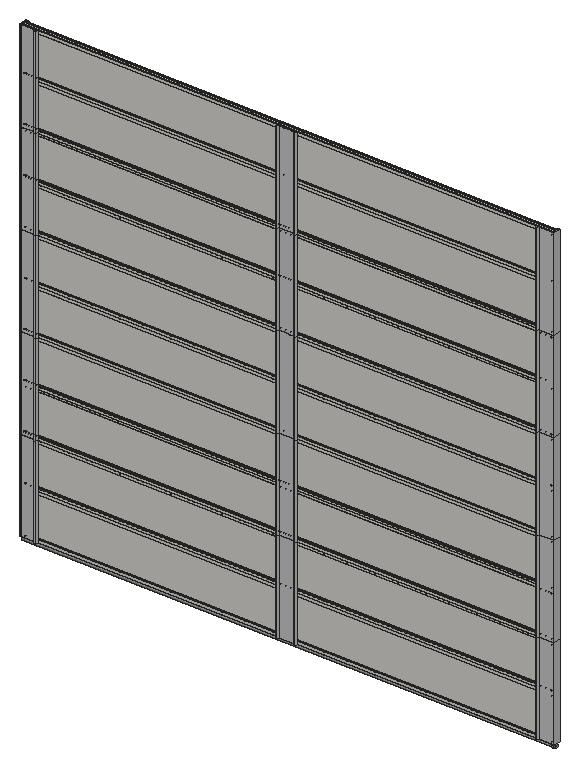
Revit family "GAFS 10H SG", category Doors, host Wall, Revit 2024
Family settings
  Host = Wall
  OmniClass Number = 23.30.10.00
  OmniClass Title = Doors
  Always vertical = Yes
  Cut with Voids When Loaded = No
  Shared = No
  Room Calculation Point = No
Parameters
  Wall Opening [instance] = 4880 mm
  Function = Interior
  Frame Projection Ext. = 25 mm
  Frame Projection Int. = 25 mm
  Frame Width = 75 mm
  Height = 2135 mm
  Wall Closure = By host
  Width = 2440 mm
Reference planes
  plane 1: y = 0
  plane 2 "Center (Left/Right)": x = 0
  plane 3: z = 2135
  plane 4 "Exterior": y = 75
  plane 5 "Interior": y = -75
  plane 6 "Garage Bottom": y = 75
  plane 7 "Garage Top": z = 2170
  plane 8: z = 19.954
  plane 9 "Garage Left": x = 1250
  plane 10 "Garage Right": x = -1250
Forms (mm)
  Extrusion 1, solid, material "STEEL BACK & SIDE PLATES"
    sketch origin (2744.172, 256, 612.954) x (1, 0, 0) y (0, 1, 0)
      loop
        line (-2791.977, -404.804) -> (-2789.506, -414.002) -> (-2782.523, -414.002) -> (-2780.383, -405.996) -> (-2707.961, -405.996) -> (-2705.821, -414.002) -> (-2698.839, -414.002) -> (-2696.367, -404.804) -> (-2697.626, -404.804) -> (-2699.758, -412.802) -> (-2704.9, -412.802) -> (-2707.039, -404.797) -> (-2781.305, -404.797) -> (-2783.444, -412.802) -> (-2788.586, -412.802) -> (-2790.718, -404.804) -> (-2791.977, -404.804)
      loop
        line (-3985.472, -373.2) -> (-3992.972, -373.2) -> (-3992.972, -372) -> (-3991.972, -372)
        arc (-3991.972, -372) -> (-3991.472, -371.5) -> (-3991.972, -371) r 0.5
        line (-3991.972, -371) -> (-3994.172, -371) -> (-3994.172, -406) -> (-3924.955, -406) -> (-3922.812, -414) -> (-3915.811, -414) -> (-3913.363, -404.8) -> (-3914.589, -404.8) -> (-3916.732, -412.8) -> (-3921.891, -412.8) -> (-3924.034, -404.8) -> (-3992.972, -404.8) -> (-3992.972, -374.4) -> (-3980.945, -374.4)
        arc (-3980.945, -374.4) -> (-3980.21, -374.891) -> (-3979.372, -374.607) r 1
        line (-3979.372, -374.607) -> (-3978.819, -374.054)
        arc (-3978.819, -374.054) -> (-3978.71, -373.509) -> (-3979.172, -373.2) r 0.5
        line (-3979.172, -373.2) -> (-3984.272, -373.2) -> (-3984.272, -371) -> (-3986.472, -371)
        arc (-3986.472, -371) -> (-3986.972, -371.5) -> (-3986.472, -372) r 0.5
        line (-3986.472, -372) -> (-3985.472, -372) -> (-3985.472, -373.2)
      loop
        line (-1502.872, -373.2) -> (-1502.872, -372) -> (-1501.872, -372)
        arc (-1501.872, -372) -> (-1501.372, -371.5) -> (-1501.872, -371) r 0.5
        line (-1501.872, -371) -> (-1504.072, -371) -> (-1504.072, -373.2) -> (-1509.172, -373.2)
        arc (-1509.172, -373.2) -> (-1509.634, -373.509) -> (-1509.526, -374.054) r 0.5
        line (-1509.526, -374.054) -> (-1508.972, -374.607)
        arc (-1508.972, -374.607) -> (-1508.135, -374.891) -> (-1507.399, -374.4) r 1
        line (-1507.399, -374.4) -> (-1495.372, -374.4) -> (-1495.372, -404.8) -> (-1564.31, -404.8) -> (-1566.454, -412.8) -> (-1571.612, -412.8) -> (-1573.756, -404.8) -> (-1574.982, -404.8) -> (-1572.533, -414) -> (-1565.533, -414) -> (-1563.389, -406) -> (-1494.172, -406) -> (-1494.172, -371) -> (-1496.372, -371)
        arc (-1496.372, -371) -> (-1496.872, -371.5) -> (-1496.372, -372) r 0.5
        line (-1496.372, -372) -> (-1495.372, -372) -> (-1495.372, -373.2) -> (-1502.872, -373.2)
    from 267.046 to 697.046
  Extrusion 2, solid, material "STEEL BACK & SIDE PLATES"
    sketch origin (2744.172, 256, 182.954) x (1, 0, 0) y (0, 1, 0)
      loop
        line (-2791.977, -404.804) -> (-2789.506, -414.002) -> (-2782.523, -414.002) -> (-2780.383, -405.996) -> (-2707.961, -405.996) -> (-2705.821, -414.002) -> (-2698.839, -414.002) -> (-2696.367, -404.804) -> (-2697.626, -404.804) -> (-2699.758, -412.802) -> (-2704.9, -412.802) -> (-2707.039, -404.797) -> (-2781.305, -404.797) -> (-2783.444, -412.802) -> (-2788.586, -412.802) -> (-2790.718, -404.804) -> (-2791.977, -404.804)
      loop
        line (-3985.472, -373.2) -> (-3992.972, -373.2) -> (-3992.972, -372) -> (-3991.972, -372)
        arc (-3991.972, -372) -> (-3991.472, -371.5) -> (-3991.972, -371) r 0.5
        line (-3991.972, -371) -> (-3994.172, -371) -> (-3994.172, -406) -> (-3924.955, -406) -> (-3922.812, -414) -> (-3915.811, -414) -> (-3913.363, -404.8) -> (-3914.589, -404.8) -> (-3916.732, -412.8) -> (-3921.891, -412.8) -> (-3924.034, -404.8) -> (-3992.972, -404.8) -> (-3992.972, -374.4) -> (-3980.945, -374.4)
        arc (-3980.945, -374.4) -> (-3980.21, -374.891) -> (-3979.372, -374.607) r 1
        line (-3979.372, -374.607) -> (-3978.819, -374.054)
        arc (-3978.819, -374.054) -> (-3978.71, -373.509) -> (-3979.172, -373.2) r 0.5
        line (-3979.172, -373.2) -> (-3984.272, -373.2) -> (-3984.272, -371) -> (-3986.472, -371)
        arc (-3986.472, -371) -> (-3986.972, -371.5) -> (-3986.472, -372) r 0.5
        line (-3986.472, -372) -> (-3985.472, -372) -> (-3985.472, -373.2)
      loop
        line (-1502.872, -373.2) -> (-1502.872, -372) -> (-1501.872, -372)
        arc (-1501.872, -372) -> (-1501.372, -371.5) -> (-1501.872, -371) r 0.5
        line (-1501.872, -371) -> (-1504.072, -371) -> (-1504.072, -373.2) -> (-1509.172, -373.2)
        arc (-1509.172, -373.2) -> (-1509.634, -373.509) -> (-1509.526, -374.054) r 0.5
        line (-1509.526, -374.054) -> (-1508.972, -374.607)
        arc (-1508.972, -374.607) -> (-1508.135, -374.891) -> (-1507.399, -374.4) r 1
        line (-1507.399, -374.4) -> (-1495.372, -374.4) -> (-1495.372, -404.8) -> (-1564.31, -404.8) -> (-1566.454, -412.8) -> (-1571.612, -412.8) -> (-1573.756, -404.8) -> (-1574.982, -404.8) -> (-1572.533, -414) -> (-1565.533, -414) -> (-1563.389, -406) -> (-1494.172, -406) -> (-1494.172, -371) -> (-1496.372, -371)
        arc (-1496.372, -371) -> (-1496.872, -371.5) -> (-1496.372, -372) r 0.5
        line (-1496.372, -372) -> (-1495.372, -372) -> (-1495.372, -373.2) -> (-1502.872, -373.2)
    from 267.046 to 697.046
  Extrusion 3, solid, material "STEEL BACK & SIDE PLATES"
    sketch origin (2744.172, 256, -247.046) x (1, 0, 0) y (0, 1, 0)
      loop
        line (-2791.977, -404.804) -> (-2789.506, -414.002) -> (-2782.523, -414.002) -> (-2780.383, -405.996) -> (-2707.961, -405.996) -> (-2705.821, -414.002) -> (-2698.839, -414.002) -> (-2696.367, -404.804) -> (-2697.626, -404.804) -> (-2699.758, -412.802) -> (-2704.9, -412.802) -> (-2707.039, -404.797) -> (-2781.305, -404.797) -> (-2783.444, -412.802) -> (-2788.586, -412.802) -> (-2790.718, -404.804) -> (-2791.977, -404.804)
      loop
        line (-3985.472, -373.2) -> (-3992.972, -373.2) -> (-3992.972, -372) -> (-3991.972, -372)
        arc (-3991.972, -372) -> (-3991.472, -371.5) -> (-3991.972, -371) r 0.5
        line (-3991.972, -371) -> (-3994.172, -371) -> (-3994.172, -406) -> (-3924.955, -406) -> (-3922.812, -414) -> (-3915.811, -414) -> (-3913.363, -404.8) -> (-3914.589, -404.8) -> (-3916.732, -412.8) -> (-3921.891, -412.8) -> (-3924.034, -404.8) -> (-3992.972, -404.8) -> (-3992.972, -374.4) -> (-3980.945, -374.4)
        arc (-3980.945, -374.4) -> (-3980.21, -374.891) -> (-3979.372, -374.607) r 1
        line (-3979.372, -374.607) -> (-3978.819, -374.054)
        arc (-3978.819, -374.054) -> (-3978.71, -373.509) -> (-3979.172, -373.2) r 0.5
        line (-3979.172, -373.2) -> (-3984.272, -373.2) -> (-3984.272, -371) -> (-3986.472, -371)
        arc (-3986.472, -371) -> (-3986.972, -371.5) -> (-3986.472, -372) r 0.5
        line (-3986.472, -372) -> (-3985.472, -372) -> (-3985.472, -373.2)
      loop
        line (-1502.872, -373.2) -> (-1502.872, -372) -> (-1501.872, -372)
        arc (-1501.872, -372) -> (-1501.372, -371.5) -> (-1501.872, -371) r 0.5
        line (-1501.872, -371) -> (-1504.072, -371) -> (-1504.072, -373.2) -> (-1509.172, -373.2)
        arc (-1509.172, -373.2) -> (-1509.634, -373.509) -> (-1509.526, -374.054) r 0.5
        line (-1509.526, -374.054) -> (-1508.972, -374.607)
        arc (-1508.972, -374.607) -> (-1508.135, -374.891) -> (-1507.399, -374.4) r 1
        line (-1507.399, -374.4) -> (-1495.372, -374.4) -> (-1495.372, -404.8) -> (-1564.31, -404.8) -> (-1566.454, -412.8) -> (-1571.612, -412.8) -> (-1573.756, -404.8) -> (-1574.982, -404.8) -> (-1572.533, -414) -> (-1565.533, -414) -> (-1563.389, -406) -> (-1494.172, -406) -> (-1494.172, -371) -> (-1496.372, -371)
        arc (-1496.372, -371) -> (-1496.872, -371.5) -> (-1496.372, -372) r 0.5
        line (-1496.372, -372) -> (-1495.372, -372) -> (-1495.372, -373.2) -> (-1502.872, -373.2)
    from 267 to 697.046
  Extrusion 4, solid, material "STEEL BACK & SIDE PLATES"
    sketch origin (2744.172, 256, 1042.954) x (1, 0, 0) y (0, 1, 0)
      loop
        line (-2791.977, -404.804) -> (-2789.506, -414.002) -> (-2782.523, -414.002) -> (-2780.383, -405.996) -> (-2707.961, -405.996) -> (-2705.821, -414.002) -> (-2698.839, -414.002) -> (-2696.367, -404.804) -> (-2697.626, -404.804) -> (-2699.758, -412.802) -> (-2704.9, -412.802) -> (-2707.039, -404.797) -> (-2781.305, -404.797) -> (-2783.444, -412.802) -> (-2788.586, -412.802) -> (-2790.718, -404.804) -> (-2791.977, -404.804)
      loop
        line (-3985.472, -373.2) -> (-3992.972, -373.2) -> (-3992.972, -372) -> (-3991.972, -372)
        arc (-3991.972, -372) -> (-3991.472, -371.5) -> (-3991.972, -371) r 0.5
        line (-3991.972, -371) -> (-3994.172, -371) -> (-3994.172, -406) -> (-3924.955, -406) -> (-3922.812, -414) -> (-3915.811, -414) -> (-3913.363, -404.8) -> (-3914.589, -404.8) -> (-3916.732, -412.8) -> (-3921.891, -412.8) -> (-3924.034, -404.8) -> (-3992.972, -404.8) -> (-3992.972, -374.4) -> (-3980.945, -374.4)
        arc (-3980.945, -374.4) -> (-3980.21, -374.891) -> (-3979.372, -374.607) r 1
        line (-3979.372, -374.607) -> (-3978.819, -374.054)
        arc (-3978.819, -374.054) -> (-3978.71, -373.509) -> (-3979.172, -373.2) r 0.5
        line (-3979.172, -373.2) -> (-3984.272, -373.2) -> (-3984.272, -371) -> (-3986.472, -371)
        arc (-3986.472, -371) -> (-3986.972, -371.5) -> (-3986.472, -372) r 0.5
        line (-3986.472, -372) -> (-3985.472, -372) -> (-3985.472, -373.2)
      loop
        line (-1502.872, -373.2) -> (-1502.872, -372) -> (-1501.872, -372)
        arc (-1501.872, -372) -> (-1501.372, -371.5) -> (-1501.872, -371) r 0.5
        line (-1501.872, -371) -> (-1504.072, -371) -> (-1504.072, -373.2) -> (-1509.172, -373.2)
        arc (-1509.172, -373.2) -> (-1509.634, -373.509) -> (-1509.526, -374.054) r 0.5
        line (-1509.526, -374.054) -> (-1508.972, -374.607)
        arc (-1508.972, -374.607) -> (-1508.135, -374.891) -> (-1507.399, -374.4) r 1
        line (-1507.399, -374.4) -> (-1495.372, -374.4) -> (-1495.372, -404.8) -> (-1564.31, -404.8) -> (-1566.454, -412.8) -> (-1571.612, -412.8) -> (-1573.756, -404.8) -> (-1574.982, -404.8) -> (-1572.533, -414) -> (-1565.533, -414) -> (-1563.389, -406) -> (-1494.172, -406) -> (-1494.172, -371) -> (-1496.372, -371)
        arc (-1496.372, -371) -> (-1496.872, -371.5) -> (-1496.372, -372) r 0.5
        line (-1496.372, -372) -> (-1495.372, -372) -> (-1495.372, -373.2) -> (-1502.872, -373.2)
    from 267.046 to 697.046
  Extrusion 5, solid, material "STEEL BACK & SIDE PLATES"
    sketch origin (2744.172, 256, 1472.954) x (1, 0, 0) y (0, 1, 0)
      loop
        line (-2791.977, -404.804) -> (-2789.506, -414.002) -> (-2782.523, -414.002) -> (-2780.383, -405.996) -> (-2707.961, -405.996) -> (-2705.821, -414.002) -> (-2698.839, -414.002) -> (-2696.367, -404.804) -> (-2697.626, -404.804) -> (-2699.758, -412.802) -> (-2704.9, -412.802) -> (-2707.039, -404.797) -> (-2781.305, -404.797) -> (-2783.444, -412.802) -> (-2788.586, -412.802) -> (-2790.718, -404.804) -> (-2791.977, -404.804)
      loop
        line (-3985.472, -373.2) -> (-3992.972, -373.2) -> (-3992.972, -372) -> (-3991.972, -372)
        arc (-3991.972, -372) -> (-3991.472, -371.5) -> (-3991.972, -371) r 0.5
        line (-3991.972, -371) -> (-3994.172, -371) -> (-3994.172, -406) -> (-3924.955, -406) -> (-3922.812, -414) -> (-3915.811, -414) -> (-3913.363, -404.8) -> (-3914.589, -404.8) -> (-3916.732, -412.8) -> (-3921.891, -412.8) -> (-3924.034, -404.8) -> (-3992.972, -404.8) -> (-3992.972, -374.4) -> (-3980.945, -374.4)
        arc (-3980.945, -374.4) -> (-3980.21, -374.891) -> (-3979.372, -374.607) r 1
        line (-3979.372, -374.607) -> (-3978.819, -374.054)
        arc (-3978.819, -374.054) -> (-3978.71, -373.509) -> (-3979.172, -373.2) r 0.5
        line (-3979.172, -373.2) -> (-3984.272, -373.2) -> (-3984.272, -371) -> (-3986.472, -371)
        arc (-3986.472, -371) -> (-3986.972, -371.5) -> (-3986.472, -372) r 0.5
        line (-3986.472, -372) -> (-3985.472, -372) -> (-3985.472, -373.2)
      loop
        line (-1502.872, -373.2) -> (-1502.872, -372) -> (-1501.872, -372)
        arc (-1501.872, -372) -> (-1501.372, -371.5) -> (-1501.872, -371) r 0.5
        line (-1501.872, -371) -> (-1504.072, -371) -> (-1504.072, -373.2) -> (-1509.172, -373.2)
        arc (-1509.172, -373.2) -> (-1509.634, -373.509) -> (-1509.526, -374.054) r 0.5
        line (-1509.526, -374.054) -> (-1508.972, -374.607)
        arc (-1508.972, -374.607) -> (-1508.135, -374.891) -> (-1507.399, -374.4) r 1
        line (-1507.399, -374.4) -> (-1495.372, -374.4) -> (-1495.372, -404.8) -> (-1564.31, -404.8) -> (-1566.454, -412.8) -> (-1571.612, -412.8) -> (-1573.756, -404.8) -> (-1574.982, -404.8) -> (-1572.533, -414) -> (-1565.533, -414) -> (-1563.389, -406) -> (-1494.172, -406) -> (-1494.172, -371) -> (-1496.372, -371)
        arc (-1496.372, -371) -> (-1496.872, -371.5) -> (-1496.372, -372) r 0.5
        line (-1496.372, -372) -> (-1495.372, -372) -> (-1495.372, -373.2) -> (-1502.872, -373.2)
    from 267.046 to 697.046
  Extrusion 6, solid, material "ALUMINIUM (STONE GREY)"
    sketch origin (0, -44, 2189.863) x (0, -1, 0) y (0, 0, -1)
      loop
        line (82.14, 2169.909) -> (74.797, 2169.909) -> (74.797, 1963.364) -> (78.797, 1961.909) -> (78.797, 1954.909) -> (83.136, 1954.909)
        arc (83.136, 1954.909) -> (83.518, 1954.832) -> (83.843, 1954.616) r 1
        line (83.843, 1954.616) -> (86.55, 1951.909) -> (88.077, 1951.909)
        arc (88.077, 1951.909) -> (88.477, 1952.309) -> (88.077, 1952.709) r 0.4
        line (88.077, 1952.709) -> (87.047, 1952.709) -> (87.047, 1953.909) -> (92.547, 1953.909) -> (92.547, 1952.709) -> (91.517, 1952.709)
        arc (91.517, 1952.709) -> (91.117, 1952.309) -> (91.517, 1951.909) r 0.4
        line (91.517, 1951.909) -> (93.044, 1951.909) -> (95.751, 1954.616)
        arc (95.751, 1954.616) -> (96.077, 1954.833) -> (96.461, 1954.909) r 1
        line (96.461, 1954.909) -> (104.797, 1954.909) -> (104.797, 1966.909) -> (101.397, 1966.909)
        arc (101.397, 1966.909) -> (100.697, 1966.209) -> (101.397, 1965.509) r 0.7
        line (101.397, 1965.509) -> (103.397, 1965.509) -> (103.397, 1956.309) -> (95.464, 1956.309) -> (94.464, 1955.309) -> (85.13, 1955.309) -> (84.13, 1956.309) -> (80.197, 1956.309) -> (80.197, 1962.889) -> (76.197, 1964.345) -> (76.197, 2168.509) -> (81.56, 2168.509) -> (87.06, 2163.009) -> (92.534, 2163.009) -> (98.034, 2168.509) -> (103.397, 2168.509) -> (103.397, 2159.309) -> (101.397, 2159.309)
        arc (101.397, 2159.309) -> (100.697, 2158.609) -> (101.397, 2157.909) r 0.7
        line (101.397, 2157.909) -> (104.797, 2157.909) -> (104.797, 2169.909) -> (97.454, 2169.909) -> (91.954, 2164.409) -> (87.64, 2164.409) -> (82.14, 2169.909)
    from -1248.8 to 1248.8
  Extrusion 7, solid, material "Rubber, Natural"
    sketch origin (0, -32.797, 0.046) x (0, 1, 0) y (0, 0, 1)
      loop
        line (-111, 19.909) -> (-111, 16.909) -> (-106, 16.909) -> (-106, 14.004)
        spline (-106, 14.004) -> (-109.192, 11.809) -> (-110.848, 8.808) -> (-110.659, 5.562) -> (-108.66, 2.681) -> (-105.226, 0.703) -> (-101, 0) -> (-96.774, 0.703) -> (-93.34, 2.681) -> (-91.341, 5.562) -> (-91.152, 8.808) -> (-92.808, 11.809) -> (-96, 14.004)
        line (-96, 14.004) -> (-96, 16.909) -> (-91, 16.909) -> (-91, 19.909) -> (-111, 19.909)
      loop
        line (-98, 16.909) -> (-104, 16.909) -> (-104, 14.633)
        arc (-104, 14.633) -> (-101, 15.009) -> (-98, 14.633) r 12.129
        line (-98, 14.633) -> (-98, 16.909)
      loop
        spline (-101, 1.513) -> (-98.929, 1.717) -> (-97, 2.316) -> (-95.343, 3.268) -> (-94.072, 4.509) -> (-93.273, 5.954) -> (-93, 7.505) -> (-93.273, 9.055) -> (-94.072, 10.501) -> (-95.343, 11.742) -> (-97, 12.694) -> (-98.929, 13.292) -> (-101, 13.496)
        spline (-101, 13.496) -> (-103.071, 13.292) -> (-105, 12.694) -> (-106.657, 11.742) -> (-107.928, 10.501) -> (-108.727, 9.055) -> (-109, 7.505) -> (-108.727, 5.954) -> (-107.928, 4.509) -> (-106.657, 3.268) -> (-105, 2.316) -> (-103.071, 1.717) -> (-101, 1.513)
    from -1248.8 to 1248.8
  Extrusion 8, solid, material "ALUMINIUM (STONE GREY)"
    sketch origin (0, -44, 2404.863) x (0, -1, 0) y (0, 0, -1)
      loop
        line (82.14, 2169.909) -> (74.797, 2169.909) -> (74.797, 1963.319) -> (78.797, 1961.863) -> (78.797, 1954.863) -> (83.136, 1954.863)
        arc (83.136, 1954.863) -> (83.518, 1954.787) -> (83.843, 1954.57) r 1
        line (83.843, 1954.57) -> (86.55, 1951.863) -> (88.077, 1951.863)
        arc (88.077, 1951.863) -> (88.477, 1952.263) -> (88.077, 1952.663) r 0.4
        line (88.077, 1952.663) -> (87.047, 1952.663) -> (87.047, 1953.863) -> (92.547, 1953.863) -> (92.547, 1952.663) -> (91.517, 1952.663)
        arc (91.517, 1952.663) -> (91.117, 1952.263) -> (91.517, 1951.863) r 0.4
        line (91.517, 1951.863) -> (93.044, 1951.863) -> (95.751, 1954.57)
        arc (95.751, 1954.57) -> (96.077, 1954.787) -> (96.461, 1954.863) r 1
        line (96.461, 1954.863) -> (104.797, 1954.863) -> (104.797, 1966.863) -> (101.397, 1966.863)
        arc (101.397, 1966.863) -> (100.697, 1966.163) -> (101.397, 1965.463) r 0.7
        line (101.397, 1965.463) -> (103.397, 1965.463) -> (103.397, 1956.263) -> (95.464, 1956.263) -> (94.464, 1955.263) -> (85.13, 1955.263) -> (84.13, 1956.263) -> (80.197, 1956.263) -> (80.197, 1962.843) -> (76.197, 1964.299) -> (76.197, 2168.509) -> (81.56, 2168.509) -> (87.06, 2163.009) -> (92.534, 2163.009) -> (98.034, 2168.509) -> (103.397, 2168.509) -> (103.397, 2159.309) -> (101.397, 2159.309)
        arc (101.397, 2159.309) -> (100.697, 2158.609) -> (101.397, 2157.909) r 0.7
        line (101.397, 2157.909) -> (104.797, 2157.909) -> (104.797, 2169.909) -> (97.454, 2169.909) -> (91.954, 2164.409) -> (87.64, 2164.409) -> (82.14, 2169.909)
    from -1248.8 to 1248.8
  Extrusion 9, solid, material "ALUMINIUM (STONE GREY)"
    sketch origin (0, -44, 2619.909) x (0, -1, 0) y (0, 0, -1)
      loop
        line (82.14, 2169.909) -> (74.797, 2169.909) -> (74.797, 1963.364) -> (78.797, 1961.909) -> (78.797, 1954.909) -> (83.136, 1954.909)
        arc (83.136, 1954.909) -> (83.518, 1954.832) -> (83.843, 1954.616) r 1
        line (83.843, 1954.616) -> (86.55, 1951.909) -> (88.077, 1951.909)
        arc (88.077, 1951.909) -> (88.477, 1952.309) -> (88.077, 1952.709) r 0.4
        line (88.077, 1952.709) -> (87.047, 1952.709) -> (87.047, 1953.909) -> (92.547, 1953.909) -> (92.547, 1952.709) -> (91.517, 1952.709)
        arc (91.517, 1952.709) -> (91.117, 1952.309) -> (91.517, 1951.909) r 0.4
        line (91.517, 1951.909) -> (93.044, 1951.909) -> (95.751, 1954.616)
        arc (95.751, 1954.616) -> (96.077, 1954.833) -> (96.461, 1954.909) r 1
        line (96.461, 1954.909) -> (104.797, 1954.909) -> (104.797, 1966.909) -> (101.397, 1966.909)
        arc (101.397, 1966.909) -> (100.697, 1966.209) -> (101.397, 1965.509) r 0.7
        line (101.397, 1965.509) -> (103.397, 1965.509) -> (103.397, 1956.309) -> (95.464, 1956.309) -> (94.464, 1955.309) -> (85.13, 1955.309) -> (84.13, 1956.309) -> (80.197, 1956.309) -> (80.197, 1962.889) -> (76.197, 1964.345) -> (76.197, 2168.509) -> (81.56, 2168.509) -> (87.06, 2163.009) -> (92.534, 2163.009) -> (98.034, 2168.509) -> (103.397, 2168.509) -> (103.397, 2159.309) -> (101.397, 2159.309)
        arc (101.397, 2159.309) -> (100.697, 2158.609) -> (101.397, 2157.909) r 0.7
        line (101.397, 2157.909) -> (104.797, 2157.909) -> (104.797, 2169.909) -> (97.454, 2169.909) -> (91.954, 2164.409) -> (87.64, 2164.409) -> (82.14, 2169.909)
    from -1248.8 to 1248.8
  Extrusion 10, solid, material "ALUMINIUM (STONE GREY)"
    sketch origin (0, -44, 2834.909) x (0, -1, 0) y (0, 0, -1)
      loop
        line (82.14, 2169.909) -> (74.797, 2169.909) -> (74.797, 1963.364) -> (78.797, 1961.909) -> (78.797, 1954.909) -> (83.136, 1954.909)
        arc (83.136, 1954.909) -> (83.518, 1954.832) -> (83.843, 1954.616) r 1
        line (83.843, 1954.616) -> (86.55, 1951.909) -> (88.077, 1951.909)
        arc (88.077, 1951.909) -> (88.477, 1952.309) -> (88.077, 1952.709) r 0.4
        line (88.077, 1952.709) -> (87.047, 1952.709) -> (87.047, 1953.909) -> (92.547, 1953.909) -> (92.547, 1952.709) -> (91.517, 1952.709)
        arc (91.517, 1952.709) -> (91.117, 1952.309) -> (91.517, 1951.909) r 0.4
        line (91.517, 1951.909) -> (93.044, 1951.909) -> (95.751, 1954.616)
        arc (95.751, 1954.616) -> (96.077, 1954.833) -> (96.461, 1954.909) r 1
        line (96.461, 1954.909) -> (104.797, 1954.909) -> (104.797, 1966.909) -> (101.397, 1966.909)
        arc (101.397, 1966.909) -> (100.697, 1966.209) -> (101.397, 1965.509) r 0.7
        line (101.397, 1965.509) -> (103.397, 1965.509) -> (103.397, 1956.309) -> (95.464, 1956.309) -> (94.464, 1955.309) -> (85.13, 1955.309) -> (84.13, 1956.309) -> (80.197, 1956.309) -> (80.197, 1962.889) -> (76.197, 1964.345) -> (76.197, 2168.509) -> (81.56, 2168.509) -> (87.06, 2163.009) -> (92.534, 2163.009) -> (98.034, 2168.509) -> (103.397, 2168.509) -> (103.397, 2159.309) -> (101.397, 2159.309)
        arc (101.397, 2159.309) -> (100.697, 2158.609) -> (101.397, 2157.909) r 0.7
        line (101.397, 2157.909) -> (104.797, 2157.909) -> (104.797, 2169.909) -> (97.454, 2169.909) -> (91.954, 2164.409) -> (87.64, 2164.409) -> (82.14, 2169.909)
    from -1248.8 to 1248.8
  Extrusion 11, solid, material "ALUMINIUM (STONE GREY)"
    sketch origin (0, -44, 3049.909) x (0, -1, 0) y (0, 0, -1)
      loop
        line (82.14, 2169.909) -> (74.797, 2169.909) -> (74.797, 1963.364) -> (78.797, 1961.909) -> (78.797, 1954.909) -> (83.136, 1954.909)
        arc (83.136, 1954.909) -> (83.518, 1954.832) -> (83.843, 1954.616) r 1
        line (83.843, 1954.616) -> (86.55, 1951.909) -> (88.077, 1951.909)
        arc (88.077, 1951.909) -> (88.477, 1952.309) -> (88.077, 1952.709) r 0.4
        line (88.077, 1952.709) -> (87.047, 1952.709) -> (87.047, 1953.909) -> (92.547, 1953.909) -> (92.547, 1952.709) -> (91.517, 1952.709)
        arc (91.517, 1952.709) -> (91.117, 1952.309) -> (91.517, 1951.909) r 0.4
        line (91.517, 1951.909) -> (93.044, 1951.909) -> (95.751, 1954.616)
        arc (95.751, 1954.616) -> (96.077, 1954.833) -> (96.461, 1954.909) r 1
        line (96.461, 1954.909) -> (104.797, 1954.909) -> (104.797, 1966.909) -> (101.397, 1966.909)
        arc (101.397, 1966.909) -> (100.697, 1966.209) -> (101.397, 1965.509) r 0.7
        line (101.397, 1965.509) -> (103.397, 1965.509) -> (103.397, 1956.309) -> (95.464, 1956.309) -> (94.464, 1955.309) -> (85.13, 1955.309) -> (84.13, 1956.309) -> (80.197, 1956.309) -> (80.197, 1962.889) -> (76.197, 1964.345) -> (76.197, 2168.509) -> (81.56, 2168.509) -> (87.06, 2163.009) -> (92.534, 2163.009) -> (98.034, 2168.509) -> (103.397, 2168.509) -> (103.397, 2159.309) -> (101.397, 2159.309)
        arc (101.397, 2159.309) -> (100.697, 2158.609) -> (101.397, 2157.909) r 0.7
        line (101.397, 2157.909) -> (104.797, 2157.909) -> (104.797, 2169.909) -> (97.454, 2169.909) -> (91.954, 2164.409) -> (87.64, 2164.409) -> (82.14, 2169.909)
    from -1248.8 to 1248.8
  Extrusion 12, solid, material "ALUMINIUM (STONE GREY)"
    sketch origin (0, -44, 3264.909) x (0, -1, 0) y (0, 0, -1)
      loop
        line (82.14, 2169.909) -> (74.797, 2169.909) -> (74.797, 1963.364) -> (78.797, 1961.909) -> (78.797, 1954.909) -> (83.136, 1954.909)
        arc (83.136, 1954.909) -> (83.518, 1954.832) -> (83.843, 1954.616) r 1
        line (83.843, 1954.616) -> (86.55, 1951.909) -> (88.077, 1951.909)
        arc (88.077, 1951.909) -> (88.477, 1952.309) -> (88.077, 1952.709) r 0.4
        line (88.077, 1952.709) -> (87.047, 1952.709) -> (87.047, 1953.909) -> (92.547, 1953.909) -> (92.547, 1952.709) -> (91.517, 1952.709)
        arc (91.517, 1952.709) -> (91.117, 1952.309) -> (91.517, 1951.909) r 0.4
        line (91.517, 1951.909) -> (93.044, 1951.909) -> (95.751, 1954.616)
        arc (95.751, 1954.616) -> (96.077, 1954.833) -> (96.461, 1954.909) r 1
        line (96.461, 1954.909) -> (104.797, 1954.909) -> (104.797, 1966.909) -> (101.397, 1966.909)
        arc (101.397, 1966.909) -> (100.697, 1966.209) -> (101.397, 1965.509) r 0.7
        line (101.397, 1965.509) -> (103.397, 1965.509) -> (103.397, 1956.309) -> (95.464, 1956.309) -> (94.464, 1955.309) -> (85.13, 1955.309) -> (84.13, 1956.309) -> (80.197, 1956.309) -> (80.197, 1962.889) -> (76.197, 1964.345) -> (76.197, 2168.509) -> (81.56, 2168.509) -> (87.06, 2163.009) -> (92.534, 2163.009) -> (98.034, 2168.509) -> (103.397, 2168.509) -> (103.397, 2159.309) -> (101.397, 2159.309)
        arc (101.397, 2159.309) -> (100.697, 2158.609) -> (101.397, 2157.909) r 0.7
        line (101.397, 2157.909) -> (104.797, 2157.909) -> (104.797, 2169.909) -> (97.454, 2169.909) -> (91.954, 2164.409) -> (87.64, 2164.409) -> (82.14, 2169.909)
    from -1248.8 to 1248.8
  Extrusion 13, solid, material "ALUMINIUM (STONE GREY)"
    sketch origin (0, -44, 3587.409) x (0, -1, 0) y (0, 0, -1)
      loop
        line (82.14, 2277.409) -> (74.797, 2277.409) -> (74.797, 2070.864) -> (78.797, 2069.409) -> (78.797, 2062.409) -> (83.136, 2062.409)
        arc (83.136, 2062.409) -> (83.518, 2062.332) -> (83.843, 2062.116) r 1
        line (83.843, 2062.116) -> (86.55, 2059.409) -> (88.077, 2059.409)
        arc (88.077, 2059.409) -> (88.477, 2059.809) -> (88.077, 2060.209) r 0.4
        line (88.077, 2060.209) -> (87.047, 2060.209) -> (87.047, 2061.409) -> (92.547, 2061.409) -> (92.547, 2060.209) -> (91.517, 2060.209)
        arc (91.517, 2060.209) -> (91.117, 2059.809) -> (91.517, 2059.409) r 0.4
        line (91.517, 2059.409) -> (93.044, 2059.409) -> (95.751, 2062.116)
        arc (95.751, 2062.116) -> (96.077, 2062.333) -> (96.461, 2062.409) r 1
        line (96.461, 2062.409) -> (104.797, 2062.409) -> (104.797, 2074.409) -> (101.397, 2074.409)
        arc (101.397, 2074.409) -> (100.697, 2073.709) -> (101.397, 2073.009) r 0.7
        line (101.397, 2073.009) -> (103.397, 2073.009) -> (103.397, 2063.809) -> (95.464, 2063.809) -> (94.464, 2062.809) -> (85.13, 2062.809) -> (84.13, 2063.809) -> (80.197, 2063.809) -> (80.197, 2070.389) -> (76.197, 2071.845) -> (76.197, 2276.009) -> (81.56, 2276.009) -> (87.06, 2270.509) -> (92.534, 2270.509) -> (98.034, 2276.009) -> (103.397, 2276.009) -> (103.397, 2266.809) -> (101.397, 2266.809)
        arc (101.397, 2266.809) -> (100.697, 2266.109) -> (101.397, 2265.409) r 0.7
        line (101.397, 2265.409) -> (104.797, 2265.409) -> (104.797, 2277.409) -> (97.454, 2277.409) -> (91.954, 2271.909) -> (87.64, 2271.909) -> (82.14, 2277.409)
    from -1248.8 to 1248.8
  Extrusion 14, solid, material "ALUMINIUM (STONE GREY)"
    sketch origin (0, -44, 3694.909) x (0, -1, 0) y (0, 0, -1)
      loop
        line (82.14, 2169.909) -> (74.797, 2169.909) -> (74.797, 1963.364) -> (78.797, 1961.909) -> (78.797, 1954.909) -> (83.136, 1954.909)
        arc (83.136, 1954.909) -> (83.518, 1954.832) -> (83.843, 1954.616) r 1
        line (83.843, 1954.616) -> (86.55, 1951.909) -> (88.077, 1951.909)
        arc (88.077, 1951.909) -> (88.477, 1952.309) -> (88.077, 1952.709) r 0.4
        line (88.077, 1952.709) -> (87.047, 1952.709) -> (87.047, 1953.909) -> (92.547, 1953.909) -> (92.547, 1952.709) -> (91.517, 1952.709)
        arc (91.517, 1952.709) -> (91.117, 1952.309) -> (91.517, 1951.909) r 0.4
        line (91.517, 1951.909) -> (93.044, 1951.909) -> (95.751, 1954.616)
        arc (95.751, 1954.616) -> (96.077, 1954.833) -> (96.461, 1954.909) r 1
        line (96.461, 1954.909) -> (104.797, 1954.909) -> (104.797, 1966.909) -> (101.397, 1966.909)
        arc (101.397, 1966.909) -> (100.697, 1966.209) -> (101.397, 1965.509) r 0.7
        line (101.397, 1965.509) -> (103.397, 1965.509) -> (103.397, 1956.309) -> (95.464, 1956.309) -> (94.464, 1955.309) -> (85.13, 1955.309) -> (84.13, 1956.309) -> (80.197, 1956.309) -> (80.197, 1962.889) -> (76.197, 1964.345) -> (76.197, 2168.509) -> (81.56, 2168.509) -> (87.06, 2163.009) -> (92.534, 2163.009) -> (98.034, 2168.509) -> (103.397, 2168.509) -> (103.397, 2159.309) -> (101.397, 2159.309)
        arc (101.397, 2159.309) -> (100.697, 2158.609) -> (101.397, 2157.909) r 0.7
        line (101.397, 2157.909) -> (104.797, 2157.909) -> (104.797, 2169.909) -> (97.454, 2169.909) -> (91.954, 2164.409) -> (87.64, 2164.409) -> (82.14, 2169.909)
    from -1248.8 to 1248.8
  Extrusion 15, solid, material "ALUMINIUM (STONE GREY)"
    sketch origin (0, -44, 3909.909) x (0, -1, 0) y (0, 0, -1)
      loop
        line (82.14, 2169.909) -> (74.797, 2169.909) -> (74.797, 1963.364) -> (78.797, 1961.909) -> (78.797, 1954.909) -> (83.136, 1954.909)
        arc (83.136, 1954.909) -> (83.518, 1954.832) -> (83.843, 1954.616) r 1
        line (83.843, 1954.616) -> (86.55, 1951.909) -> (88.077, 1951.909)
        arc (88.077, 1951.909) -> (88.477, 1952.309) -> (88.077, 1952.709) r 0.4
        line (88.077, 1952.709) -> (87.047, 1952.709) -> (87.047, 1953.909) -> (92.547, 1953.909) -> (92.547, 1952.709) -> (91.517, 1952.709)
        arc (91.517, 1952.709) -> (91.117, 1952.309) -> (91.517, 1951.909) r 0.4
        line (91.517, 1951.909) -> (93.044, 1951.909) -> (95.751, 1954.616)
        arc (95.751, 1954.616) -> (96.077, 1954.833) -> (96.461, 1954.909) r 1
        line (96.461, 1954.909) -> (104.797, 1954.909) -> (104.797, 1966.909) -> (101.397, 1966.909)
        arc (101.397, 1966.909) -> (100.697, 1966.209) -> (101.397, 1965.509) r 0.7
        line (101.397, 1965.509) -> (103.397, 1965.509) -> (103.397, 1956.309) -> (95.464, 1956.309) -> (94.464, 1955.309) -> (85.13, 1955.309) -> (84.13, 1956.309) -> (80.197, 1956.309) -> (80.197, 1962.889) -> (76.197, 1964.345) -> (76.197, 2168.509) -> (81.56, 2168.509) -> (87.06, 2163.009) -> (92.534, 2163.009) -> (98.034, 2168.509) -> (103.397, 2168.509) -> (103.397, 2159.309) -> (101.397, 2159.309)
        arc (101.397, 2159.309) -> (100.697, 2158.609) -> (101.397, 2157.909) r 0.7
        line (101.397, 2157.909) -> (104.797, 2157.909) -> (104.797, 2169.909) -> (97.454, 2169.909) -> (91.954, 2164.409) -> (87.64, 2164.409) -> (82.14, 2169.909)
    from -1248.8 to 1248.8
  Extrusion 16, solid, material "ALUMINIUM (STONE GREY)"
    sketch origin (0, -44, 4124.909) x (0, -1, 0) y (0, 0, -1)
      loop
        line (82.14, 2169.909) -> (74.797, 2169.909) -> (74.797, 1963.364) -> (78.797, 1961.909) -> (78.797, 1954.909) -> (83.136, 1954.909)
        arc (83.136, 1954.909) -> (83.518, 1954.832) -> (83.843, 1954.616) r 1
        line (83.843, 1954.616) -> (86.55, 1951.909) -> (88.077, 1951.909)
        arc (88.077, 1951.909) -> (88.477, 1952.309) -> (88.077, 1952.709) r 0.4
        line (88.077, 1952.709) -> (87.047, 1952.709) -> (87.047, 1953.909) -> (92.547, 1953.909) -> (92.547, 1952.709) -> (91.517, 1952.709)
        arc (91.517, 1952.709) -> (91.117, 1952.309) -> (91.517, 1951.909) r 0.4
        line (91.517, 1951.909) -> (93.044, 1951.909) -> (95.751, 1954.616)
        arc (95.751, 1954.616) -> (96.077, 1954.833) -> (96.461, 1954.909) r 1
        line (96.461, 1954.909) -> (104.797, 1954.909) -> (104.797, 1966.909) -> (101.397, 1966.909)
        arc (101.397, 1966.909) -> (100.697, 1966.209) -> (101.397, 1965.509) r 0.7
        line (101.397, 1965.509) -> (103.397, 1965.509) -> (103.397, 1956.309) -> (95.464, 1956.309) -> (94.464, 1955.309) -> (85.13, 1955.309) -> (84.13, 1956.309) -> (80.197, 1956.309) -> (80.197, 1962.889) -> (76.197, 1964.345) -> (76.197, 2168.509) -> (81.56, 2168.509) -> (87.06, 2163.009) -> (92.534, 2163.009) -> (98.034, 2168.509) -> (103.397, 2168.509) -> (103.397, 2159.309) -> (101.397, 2159.309)
        arc (101.397, 2159.309) -> (100.697, 2158.609) -> (101.397, 2157.909) r 0.7
        line (101.397, 2157.909) -> (104.797, 2157.909) -> (104.797, 2169.909) -> (97.454, 2169.909) -> (91.954, 2164.409) -> (87.64, 2164.409) -> (82.14, 2169.909)
    from -1248.8 to 1248.8
Lines and regions (mm)
  Opening 1
    outline origin (-5000, 75, 0) x (-1, 0, 0) y (0, 0, 1)
      loop
        line (-3780, 0) -> (-3780, 2135) -> (-6220, 2135) -> (-6220, 0) -> (-3780, 0)
  symbolic lines, style "Elevation Swing"
    curve 1: line (-1250, -105, 1694) -> (-1250, -2275, 1694)
    curve 2: line (-1250, -2275, 1694) -> (1250, -2275, 1694)
    curve 3: line (1250, -2275, 1694) -> (1250, -105, 1694)
Text (mm)
  text "Exterior" at (-2295.016, 1099.543, 0), in view "Ref. Level"
  text "Exterior" at (0, 1615.38, 3698.081), in view "Left"
  text "Exterior" at (0, 1036.032, 3874.932), in view "Right"
Dimensions and locks
  host wall to plane 3 = 2135 mm
  host wall to plane 7 "Garage Top" = 2170 mm
  locked: plane 4 "Exterior" to host wall
  locked: plane 5 "Interior" to host wall
  level to plane 7 "Garage Top" = 2170 mm
  plane 3 to level = 2135 mm
  plane 10 "Garage Right" to plane 9 "Garage Left" = 2500 mm
  host wall to host wall = 2440 mm
  aligned and locked: host wall to plane 1
